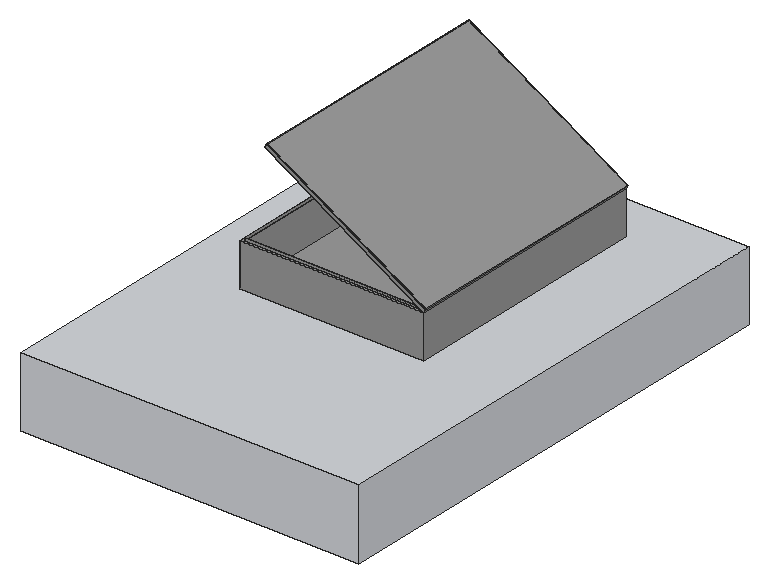
Revit family "Hager-Univers-IP54-D205-H1100-Cl.II-Encl-NL-en", category Equipement électrique, Revit 2020
Family settings
  Hôte = Face
  Configuration du panneau = Deux colonnes, circuits au sein
  Cote de connecteur circulaire = Utiliser le diamètre
  Type d'élément = Tableau de raccordement
  Couper avec des vides une fois chargée = Non
  Partagée = Non
  Point de calcul de pièce = Non
Parameters (values of type "Surface mounted (plaster) IP54 W800 H1100 D205  - FP73QSW")
  Width Control [instance] = if([EF000008 - Width] > Min Width, [EF000008 - Width], Min Width)  # 800 mm
  Commentaires du type = [HG000003 - Range]  # "Univers"
  Thickness Door [instance] = if([EF009171 - Material plate thickness door/cover] > 3 mm, 3 mm, [EF009171 - Material plate thickness door/cover])  # 1 mm
  Seal Frame Offset [instance] = 17 mm  # constant formula
  Plinth Visibility [instance] = [HG000027 - Plinth height] > 0 mm  # no
  Model = ""
  Min Width [instance] = 100 mm  # constant formula
  Min Height [instance] = 100 mm  # constant formula
  Min Depth [instance] = (2 * [EF009170 - Material plate thickness cabinet]) + 1 mm  # 3 mm
  Internal Frame Depth [instance] = (Door System Depth * 0.5)  # 9 mm
  Height Control [instance] = if([EF000040 - Height] > Min Height, [EF000040 - Height], Min Height)  # 1100 mm
  HG000027 - Plinth height = 0 mm
  HG000026 - Floor standing = no
  HG000024 - Bottom section height = 800 mm
  HG000023 - Double section enclosure = no
  HG000016 - Door 3d visibility [instance] = yes
  HG000015 - Clearance visibility [instance] = no
  HG000014 - Door on the right [instance] = yes
  HG000013 - Door on the left [instance] = not([HG000014 - Door on the right])  # no
  HG000012 - Door swing angle [instance] = 30.00°
  HG000010 - Asymmetric doors = no
  HG000009 - Double swing door = no
  HG000006 - Flush mounted = no
  HG000004 - Manufacturer reference = "FP73QSW"
  HG000003 - Range = "Univers"
  HG000002 - With door or cover = yes
  Frame Offset Bottom [instance] = 10 mm  # constant formula
  Frame Offset [instance] = 15 mm  # constant formula
  EF015940 - Cover with overpressure release = no
  EF011959 - Degree of protection (NEMA) = ""
  EF009554 - Number of openings for flange plates = 6
  EF009212 - Cover model = "EV000116 - Closed"
  EF009171 - Material plate thickness door/cover = 1 mm
  EF009170 - Material plate thickness cabinet = 1 mm
  Fabricant = "Hager"  # constant formula
  EF008873 - Nominal current (In) = 250 A
  EF007800 - Suitable for lightning protection = no
  EF006306 - With lock = no
  EF006244 - Transparent cover/door = no
  EF005474 - Degree of protection (IP) = "EV006419 - IP54"
  EF004464 - Type of door = "EV002646 - Single"
  EF004427 - Number of modules = 252
  EF004293 - Impact strength = "EV006815 - IK09"
  EF003532 - Suitable for outdoor use = no
  EF002950 - Width in number of modular spacings = 36
  EF001613 - Circuit integrity = "EV000494 - None"
  EF001596 - Material housing = "EV000179 - Steel"
  EF001131 - Internal depth = 143 mm
  EF001088 - Extension possible = yes
  EF000437 - Number of conduit inlets = 6
  EF000339 - Type of cover = "EV001012 - Cover"
  EF000266 - Number of rows = 7
  EF000218 - Built-in depth = 0 mm
  EF000118 - With mounting plate = no
  EF000116 - RAL-number = "9010"
  EF000049 - Depth = 205 mm
  EF000040 - Height = 1100 mm
  EF000008 - Width = 800 mm
  EF000007 - Colour = "EV000202 - White"
  EF000003 - Mounting method = "EV000384 - Surface mounted (plaster)"
  Door System Leaf Tolerance [instance] = 1.5 mm  # constant formula
  Door System Depth [instance] = 18 mm  # constant formula
  Door Height [instance] = Height Control - [HG000027 - Plinth height]  # 1100 mm
  Depth Control [instance] = if([EF000049 - Depth] > Min Depth, [EF000049 - Depth], Min Depth)  # 205 mm
  Default Elevation = 0 mm
  Connector Offset [instance] = Height Control / 2  # 550 mm
  Bottom Top Plate Trim [instance] = 1.5 mm  # constant formula
  Plinth height Ctrl [instance] = if([HG000027 - Plinth height] > 0 mm, [HG000027 - Plinth height], 12 mm)  # 12 mm
Types (4, lengths in mm): name | Width Control | HG000010 - Asymmetric doors | HG000009 - Double swing door | HG000004 - Manufacturer reference | EF009554 - Number of openings for flange plates | EF004464 - Type of door | EF004427 - Number of modules | EF002950 - Width in number of modular spacings | EF001131 - Internal depth | EF000437 - Number of conduit inlets | EF000339 - Type of cover | EF000008 - Width
  Surface mounted (plaster) IP54 W1050 H1100 D205  - FP74QSW | 1050 | no | no | "FP74QSW" | 8 | "EV003602 - Double" | 336 | 48 | 143 | 8 | "EV001012 - Cover" | 1050
  Surface mounted (plaster) IP54 W1300 H1100 D205  - FP75QSW | 1300 | yes | yes | "FP75QSW" | 10 | "EV003602 - Double" | 420 | 60 | 130 | 10 | "EV004216 - Door" | 1300
  Surface mounted (plaster) IP54 W550 H1100 D205  - FP72QSW | 550 | no | no | "FP72QSW" | 4 | "EV002646 - Single" | 168 | 24 | 143 | 4 | "EV001012 - Cover" | 550
  Surface mounted (plaster) IP54 W800 H1100 D205  - FP73QSW | 800 | no | no | "FP73QSW" | 6 | "EV002646 - Single" | 252 | 36 | 143 | 6 | "EV001012 - Cover" | 800
Reference planes
  plane 1 "Center (Front/Back)": y = 0
  plane 2: z = 0
  plane 3 "Center (Left/Right)": x = 0
  plane 4: z = 205
  plane 5: y = 1
  plane 6: y = 550
  plane 7: y = 0
  plane 8: y = 1100
  plane 9: z = 0
  plane 10: x = -385
  plane 11: x = 385
  plane 12: x = 384
  plane 13: x = -384
  plane 14: y = 1099
  plane 15: x = -383
  plane 16: x = -400
  plane 17: x = 383
  plane 18: x = 400
  plane 19: x = 399
  plane 20: x = -399
  plane 21: y = 11
  plane 22: y = 1100
  plane 23: y = 1084
  plane 24: z = 187
  plane 25: z = 1
  plane 26: z = 186
  plane 27: z = 204
Forms (mm)
  Extrusion 1, solid
    sketch origin (0, 0, 0) x (1, 0, 0) y (0, 1, 0)
      loop
        line (-702.964, 1305) -> (-702.964, -811.445) -> (766.763, -811.445) -> (766.763, 1305) -> (-702.964, 1305)
    from 0 to -304.8
  Extrusion 2, solid, material "Hager_Steel_RAL7035_Light_Grey", visible <- "Plinth Visibility", detail levels medium+fine
    sketch origin (0, 0, 0) x (1, 0, 0) y (0, 1, 0)
      loop
        line (-400, 0) -> (400, 0) -> (400, 12) -> (-400, 12) -> (-400, 0)
    from 0 to 187
  Extrusion 3, solid, material "Hager_Steel_RAL7035_Light_Grey", detail levels medium+fine
    sketch origin (0, 0, 0) x (1, 0, 0) y (0, 1, 0)
      loop
        line (-400, 0) -> (400, 0) -> (400, 1100) -> (-400, 1100) -> (-400, 0)
    from 0 to 187
  Extrusion 4, void
    sketch origin (0, 0, 0) x (1, 0, 0) y (0, 1, 0)
      loop
        line (-399, 1) -> (399, 1) -> (399, 1099) -> (-399, 1099) -> (-399, 1)
    from 1 to 186
  Extrusion 5, void
    sketch origin (-381.607, -4572, 187) x (0, -1, 0) y (-1, 0, 0)
      loop
        line (-4583, 2.393) -> (-5656, 2.393) -> (-5656, -765.607) -> (-4583, -765.607) -> (-4583, 2.393)
    from 0 to 1 <- "EF009170 - Material plate thickness cabinet"
  Extrusion 6, solid, material "Hager_Steel_RAL7035_Light_Grey", detail levels fine
    sketch origin (0, 0, 187) x (1, 0, 0) y (0, 1, 0)
      loop
        line (-384, 1084) -> (-384, 11) -> (384, 11) -> (384, 1084) -> (-384, 1084)
      loop
        line (-385, 10) -> (385, 10) -> (385, 1085) -> (-385, 1085) -> (-385, 10)
    from 0 to 9 <- "Internal Frame Depth"
  Extrusion 7, solid, material "Hager_Steel_RAL7035_Light_Grey", detail levels coarse
    sketch origin (0, 0, 0) x (1, 0, 0) y (0, 1, 0)
      loop
        line (-400, 0) -> (400, 0) -> (400, 1100) -> (-400, 1100) -> (-400, 0)
    from 0 to 205
  Sweep 8, void
    path in 3D
      loop
        line (-400, 12, 0) -> (400, 12, 0) -> (400, 12, 187) -> (-400, 12, 187) -> (-400, 12, 0)
    profile origin (-400, 12, 93.5) x (-1, 0, 0) y (0, -1, 0)
      loop
        line (0, 0) -> (0, 1.5) -> (-1.5, 1.5)
        arc (-1.5, 1.5) -> (-1.061, 0.439) -> (0, 0) r 1.5
Cuts and joins
  Extrusion 4, Extrusion 5 cuts Extrusion 3
  Sweep 8 cuts Extrusion 2
Lines and regions (mm)
  Masking region 1
    outline origin (0, 0, 0) x (1, 0, 0) y (0, 0, 1)
      loop
        line (-400, 205) -> (-400, 0) -> (400, 0) -> (400, 205) -> (-400, 205)
  Masking region 2, detail levels medium+fine
    outline origin (0, 140, 0) x (0, 1, 0) y (0, 0, 1)
      loop
        line (-140, 0) -> (960, 0) -> (960, 187) -> (-140, 187) -> (-140, 0)
  Masking region 3, not visible, detail levels medium+fine
    outline origin (0, 297.922, 0) x (0, 1, 0) y (0, 0, 1)
      loop
        line (263.578, 0) -> (303.578, 0) -> (303.578, 194)
        arc (303.578, 194) -> (300.649, 201.071) -> (293.578, 204) r 10
        line (293.578, 204) -> (263.578, 204) -> (263.578, 0)
  Masking region 4, detail levels coarse
    outline origin (0, 0, 180) x (0, 1, 0) y (0, 0, 1)
      loop
        line (0, -180) -> (1100, -180) -> (1100, 25) -> (0, 25) -> (0, -180)
  Masking region 5, visible <- "Plinth Visibility", detail levels medium+fine
    outline origin (0, 52.24, 12.345) x (0, 0, -1) y (0, 1, 0)
      loop
        line (10.845, -40.24) -> (-173.155, -40.24)
        arc (-173.155, -40.24) -> (-173.594, -41.301) -> (-174.655, -41.74) r 1.5
        line (-174.655, -41.74) -> (-174.655, -52.24) -> (12.345, -52.24) -> (12.345, -41.74)
        arc (12.345, -41.74) -> (11.285, -41.301) -> (10.845, -40.24) r 1.5
  Masking region 6, detail levels medium+fine
    outline origin (-381.607, -4572, 187) x (-1, 0, 0) y (0, -1, 0)
      loop
        line (18.393, -5672) -> (18.393, -4572) -> (-781.607, -4572) -> (-781.607, -5672) -> (18.393, -5672)
  Masking region 7, visible <- "Plinth Visibility", detail levels medium+fine
    outline origin (-381.607, -4727, 187) x (-1, 0, 0) y (0, -1, 0)
      loop
        arc (16.893, -4739) -> (17.332, -4737.939) -> (18.393, -4737.5) r 1.5
        line (18.393, -4737.5) -> (18.393, -4727) -> (-781.607, -4727) -> (-781.607, -4737.5)
        arc (-781.607, -4737.5) -> (-780.546, -4737.939) -> (-780.107, -4739) r 1.5
        line (-780.107, -4739) -> (16.893, -4739)
  Masking region 8, detail levels coarse
    outline origin (-442.548, -4669.526, 187) x (-1, 0, 0) y (0, -1, 0)
      loop
        line (-42.548, -5769.526) -> (-42.548, -4669.526) -> (-842.548, -4669.526) -> (-842.548, -5769.526) -> (-42.548, -5769.526)
  sketch lines
    curve 1: line (-400, 12, 187) -> (-400, 12, 0)
    curve 2: line (400, 12, 187) -> (-400, 12, 187)
    curve 3: line (400, 12, 187) -> (400, 12, 0)
    curve 4: line (-400, 12, 0) -> (400, 12, 0)
Dimensions and locks
  "Depth Control": plane 4 to Extrusion 1
  "HG000027 - Plinth height": plane 1 "Center (Front/Back)" to plane 7
  "EF009170 - Material plate thickness cabinet": plane 5 to plane 7
  locked: connector elem to plane 3 "Center (Left/Right)"
  equal spacing: plane 8, plane 6, plane 7
  locked: connector elem to plane 6
  "EF009170 - Material plate thickness cabinet": plane 8 to plane 14
  "EF009170 - Material plate thickness cabinet": plane 10 to plane 13
  "EF009170 - Material plate thickness cabinet": plane 12 to plane 11
  "Frame Offset": plane 20 to plane 13
  "Frame Offset": plane 12 to plane 19
  "EF009170 - Material plate thickness cabinet": plane 16 to plane 20
  "EF009170 - Material plate thickness cabinet": plane 19 to plane 18
  "Seal Frame Offset": plane 16 to plane 15
  "Seal Frame Offset": plane 17 to plane 18
  "Frame Offset Bottom": plane 21 to plane 5
  "Frame Offset": plane 14 to plane 23
  equal spacing: plane 16, plane 3 "Center (Left/Right)", plane 18
  "Width Control": plane 16 to plane 18
  "EF009170 - Material plate thickness cabinet": plane 4 to plane 27
  "EF009170 - Material plate thickness cabinet": plane 24 to plane 26
  "EF009170 - Material plate thickness cabinet": plane 25 to level
  "Door System Depth": plane 4 to plane 24
  "Height Control": plane 1 "Center (Front/Back)" to Extrusion 7 sketch curve
  "Height Control": Masking region 4 sketch curve to plane 1 "Center (Front/Back)"
  "Height Control": plane 1 "Center (Front/Back)" to plane 22
  "Bottom Top Plate Trim": profile plane to Sweep 8 sketch curve
  "Bottom Top Plate Trim": Sweep 8 sketch curve to profile plane
  "Plinth height Ctrl": plane 1 "Center (Front/Back)" to Extrusion 2 sketch curve
  "Plinth height Ctrl": Masking region 5 sketch curve to plane 1 "Center (Front/Back)"
  "Plinth height Ctrl": plane 1 "Center (Front/Back)" to Masking region 7 sketch curve
  "Thickness Door": Extrusion 6 sketch curve to Extrusion 6 sketch curve  (x3)
  "Thickness Door": cut or joined group of Extrusion 3, Extrusion 4, Extrusion 5 to Extrusion 6 sketch curve
  radius of Masking region 3 sketch curve = 10 mm
  "Bottom Top Plate Trim": radius of Masking region 5 sketch curve  (x2)
  "Bottom Top Plate Trim": radius of Sweep 8 sketch curve
  "Bottom Top Plate Trim": radius of Masking region 7 sketch curve  (x2)
  aligned and locked: plane 2 to Extrusion 1
  aligned and locked: level to Extrusion 1
  aligned and locked: level to Masking region 1 sketch curve
  aligned and locked: Masking region 1 sketch curve to plane 18
  aligned and locked: Masking region 1 sketch curve to plane 16
  aligned and locked: plane 7 to Masking region 2 sketch curve
  aligned and locked: level to Masking region 3 sketch curve
  aligned and locked: Masking region 3 sketch curve to plane 27
  aligned and locked: level to Masking region 2 sketch curve
  aligned and locked: plane 1 "Center (Front/Back)" to Extrusion 2 sketch curve
  aligned and locked: Extrusion 3 sketch curve to plane 7
  aligned and locked: plane 16 to Extrusion 3 sketch curve
  aligned and locked: plane 18 to Extrusion 3 sketch curve
  aligned and locked: plane 20 to Extrusion 4 sketch curve
  aligned and locked: plane 19 to Extrusion 4 sketch curve
  aligned and locked: Extrusion 4 sketch curve to plane 5
  aligned and locked: Extrusion 4 to plane 25
  aligned and locked: plane 26 to Extrusion 4
  aligned and locked: plane 24 to Extrusion 3
  aligned and locked: Extrusion 5 sketch curve to plane 21
  aligned and locked: Extrusion 5 sketch curve to plane 13
  aligned and locked: Extrusion 5 sketch curve to plane 12
  aligned and locked: plane 18 to Extrusion 7 sketch curve
  aligned and locked: plane 1 "Center (Front/Back)" to Extrusion 7 sketch curve
  aligned and locked: plane 16 to Extrusion 7 sketch curve
  aligned and locked: plane 4 to Extrusion 7
  aligned and locked: Extrusion 7 to level
  aligned and locked: level to Masking region 4 sketch curve
  aligned and locked: Masking region 4 sketch curve to plane 1 "Center (Front/Back)"
  aligned and locked: Masking region 4 sketch curve to plane 4
  aligned and locked: nested 1 to level
  aligned and locked: nested 1 to plane 16
  aligned and locked: plane 8 to Extrusion 3 sketch curve
  aligned and locked: plane 23 to Extrusion 5 sketch curve
  aligned and locked: plane 14 to Extrusion 4 sketch curve
  aligned and locked: Masking region 2 sketch curve to plane 8
  aligned and locked: level to Masking region 5 sketch curve
  aligned and locked: plane 16 to Extrusion 2 sketch curve
  aligned and locked: plane 18 to Extrusion 2 sketch curve
  aligned and locked: Masking region 5 sketch curve to plane 24
  aligned and locked: Masking region 2 sketch curve to plane 24
  aligned and locked: plane 24 to Extrusion 2
  aligned and locked: profile plane to Sweep 8 sketch curve  (x2)
  aligned and locked: Masking region 6 sketch curve to plane 18
  aligned and locked: Masking region 6 sketch curve to plane 22
  aligned and locked: Masking region 6 sketch curve to plane 16
  aligned and locked: plane 8 to plane 22
  aligned and locked: Masking region 6 sketch curve to plane 7
  aligned and locked: Masking region 7 sketch curve to plane 16
  aligned and locked: Masking region 7 sketch curve to plane 1 "Center (Front/Back)"
  aligned and locked: Masking region 7 sketch curve to plane 18
  aligned and locked: Masking region 8 sketch curve to plane 1 "Center (Front/Back)"
  aligned and locked: Masking region 8 sketch curve to plane 18
  aligned and locked: Masking region 8 sketch curve to plane 22
  aligned and locked: Masking region 8 sketch curve to plane 16
  aligned and locked: nested 2 to plane 7
  aligned and locked: plane 3 "Center (Left/Right)" to nested 2
  aligned and locked: nested 2 to plane 24
  aligned and locked: Extrusion 6 sketch curve to cut or joined group of Extrusion 3, Extrusion 4, Extrusion 5  (x4)
Automatic sketch dimensions
  Extrusion 1 sketch curve to Extrusion 1 sketch curve = 1469.727 mm
  Extrusion 1 sketch curve to Extrusion 1 sketch curve = 2116.445 mm
  Masking region 1 sketch curve to plane 4 = 0 mm
  plane 6 to Masking region 3 sketch curve = 11.5 mm
  Masking region 3 sketch curve to Masking region 3 sketch curve = 30 mm
  Masking region 5 sketch curve to plane 1 "Center (Front/Back)" = 0 mm
Nested families
  nested 1: "Hager_Enclosure_Symbol" at (-400, 0, 0) x (1, 0, 0) z (0, -1, 0), Height <- "Depth Control", Width <- "Width Control", type "Hager_Enclosure_Symbol"
    with Width_Ctrl 800 mm, Width 800 mm, Height_Ctrl 205 mm, Height 205 mm, A_Width_Int 13.453 mm, A_Width 161.438 mm, A_Height_Ctrl 179.375 mm, A_Height 179.375 mm
  nested 2: "EC000058_Univers_Door" at (0, 0, 187) x (1, 0, 0) z (0, 1, 0), Leaf_Tolerance <- "Door System Leaf Tolerance", Angle <- "HG000012 - Door swing angle", Door_Depth <- "Door System Depth", Door_Left <- "HG000013 - Door on the left", Transparent <- "EF006244 - Transparent cover/door", Assymetrical <- "HG000010 - Asymmetric doors", Width <- "Width Control", Clearance <- "HG000015 - Clearance visibility", Double <- "HG000009 - Double swing door", 3d_Door <- "HG000016 - Door 3d visibility", Lock_Visibility <- "EF006306 - With lock", Width_Ctrl <- "Width Control", Door_Right <- "HG000014 - Door on the right", Door <- "HG000002 - With door or cover", Height <- "Door Height", Thickness <- "Thickness Door", type "EC000058_Univers_Door", detail levels medium+fine
    with min_wh 3 mm, Width_Ctrl 800 mm, Width 800 mm, Transparent no, Thickness 1 mm, Seal_Material Hager_Rubber, Lock_Visibility no, Lock_Material Hager_Plastic_RAL9005_Jet_Black, Leaf_Width 800 mm, Leaf_Tolerance_External_Sides 0 mm, Leaf_Tolerance 1.5 mm, Leaf_Offset 0 mm, Leaf_Height 1097 mm, Leaf_2_Width 800 mm, Leaf_2_Offset 400 mm, Leaf_1_Width 800 mm, Leaf_1_Offset 400 mm, Height_Ctrl 1100 mm, Height 1100 mm, Glass_Material Hager_Glass, Double_Clearance_Ctrl no, Double no, Door_Right_Ctrl yes, Door_Right yes, Door_Material Hager_Steel_RAL7035_Light_Grey, Door_Left_Ctrl no, Door_Left no, Door_Depth 18 mm, Door yes, Clearance_Material Hager_Clearance, Clearance_Depth 800 mm, Clearance_Ctrl no, Clearance no, Assymetrical no, Angle 30.00°, 3d_Door yes
Connectors
  electrical at (0, 550, 0)
    settings: on plane 9, index 1, voltage 0 V, apparent load 0 VA, apparent load phase1 0 VA, apparent load phase2 0 VA, apparent load phase3 0 VA, power factor 1, load classification "Other", number of poles 1, system type 30, power factor state 1, is connector primary yes, connector utility no, sub classification motor no, connector description ""
Definition of nested family "EC000058_Univers_Door"
  Parameters (values of type "EC000058_Univers_Door")
    min_wh [instance] = (2 * Thickness) + 1 mm  # 11 mm
    Width_Ctrl [instance] = 400 mm
    Width [instance] = 500 mm
    Transparent [instance] = yes
    Thickness [instance] = 5 mm
    Seal_Material [instance] = none
    Lock_Visibility [instance] = yes
    Lock_Material [instance] = none
    Leaf_Width [instance] = if((Width_Ctrl - 2 * Leaf_Tolerance_External_Sides) > 0 mm, (Width_Ctrl - 2 * Leaf_Tolerance_External_Sides), min_wh)  # 400 mm
    Leaf_Tolerance_External_Sides [instance] = 0 mm  # constant formula
    Leaf_Tolerance [instance] = 1.5 mm
    Leaf_Offset [instance] = 0 mm  # constant formula
    Leaf_Height [instance] = if((Height_Ctrl - 2 * Leaf_Tolerance) > 0 mm, (Height_Ctrl - 2 * Leaf_Tolerance), min_wh)  # 497 mm
    Leaf_2_Width [instance] = if(and(and(Double, Assymetrical), Door_Left), (Leaf_Width / 3) - (Leaf_Tolerance / 2), if(and(and(Double, Assymetrical), Door_Right), (Leaf_Width / 3) * 2 - (Leaf_Tolerance / 2), if(and(Double, not(Assymetrical)), (Leaf_Width / 2) - Leaf_Tolerance, Leaf_Width)))  # 400 mm
    Leaf_2_Offset [instance] = if(and(Double, Assymetrical), Leaf_2_Width / 2, if(and(Double, not(Assymetrical)), Leaf_Width / 4, Leaf_Width / 2))  # 200 mm
    Leaf_1_Width [instance] = if(and(and(Double, Assymetrical), Door_Right), (Leaf_Width / 3) - (Leaf_Tolerance / 2), if(and(and(Double, Assymetrical), Door_Left), (Width / 3) * 2 - (Leaf_Tolerance / 2), if(and(Double, not(Assymetrical)), (Leaf_Width / 2) - Leaf_Tolerance, Leaf_Width)))  # 400 mm
    Leaf_1_Offset [instance] = if(and(Double, Assymetrical), Leaf_1_Width / 2, if(and(Double, not(Assymetrical)), Leaf_Width / 4, Leaf_Width / 2))  # 200 mm
    Height_Ctrl [instance] = if(Height > min_wh, Height, min_wh)  # 500 mm
    Height [instance] = 500 mm
    Glass_Material [instance] = none
    Double_Clearance_Ctrl [instance] = and(Double, Clearance)  # no
    Double [instance] = no
    Door_Right_Ctrl [instance] = and(or(Door_Right, Double), Door)  # yes
    Door_Right [instance] = yes
    Door_Material [instance] = none
    Door_Left_Ctrl [instance] = and(or(Door_Left, Double), Door)  # no
    Door_Left [instance] = no
    Door_Depth [instance] = 30 mm
    Door [instance] = yes
    Default Elevation = 1219.2 mm
    Clearance_Material [instance] = none
    Clearance_Depth [instance] = if(Leaf_1_Width > Leaf_2_Width, Leaf_1_Width, Leaf_2_Width)  # 400 mm
    Clearance_Ctrl [instance] = and(not(Double), Clearance)  # yes
    Clearance [instance] = yes
    Assymetrical [instance] = yes
    Angle [instance] = 30.00°
    3d_Door [instance] = yes
  Reference planes
    plane 1 "Center (Front/Back)": y = 0
    plane 2 "Bottom": z = 0
    plane 3 "Center (Left/Right)": x = 0
    plane 4: z = 500
    plane 5: x = -200
    plane 6: x = 200
    plane 7: z = 500
    plane 8: x = -200
    plane 9: z = 0
    plane 10: x = 200
    plane 11: y = 0
    plane 12: z = 1.5
    plane 13: x = -600
    plane 14: y = -400
    plane 15: x = 600
    plane 16: x = 0
    plane 17: x = 0
    plane 18: x = -200
    plane 19: x = 200
    plane 20: z = 498.5
  Forms (mm)
    Extrusion 1, solid, material <- "Clearance_Material", visible <- "Double_Clearance_Ctrl"
      sketch origin (1200, 0, 0) x (1, 0, 0) y (0, 0, -1)
        loop
          line (-1800, -498.5) -> (-600, -498.5) -> (-600, 0) -> (-1800, 0) -> (-1800, -498.5)
      from 0 to -400
  Dimensions and locks
    equal spacing: plane 5, plane 3 "Center (Left/Right)", plane 6
    "Width_Ctrl": plane 5 to plane 6
    "Leaf_Offset": plane 5 to plane 8
    "Leaf_Offset": plane 6 to plane 10
    "Leaf_Offset": plane 9 to level
    "Leaf_Offset": plane 4 to plane 7
    "Height_Ctrl": plane 4 to level
    "Leaf_Tolerance": plane 12 to plane 9
    locked: plane 11 to plane 1 "Center (Front/Back)"
    "Leaf_1_Offset": plane 18 to plane 16
    "Leaf_2_Offset": plane 17 to plane 19
    "Leaf_1_Width": plane 13 to plane 8
    "Leaf_2_Width": plane 10 to plane 15
    "Clearance_Depth": plane 14 to plane 1 "Center (Front/Back)"
    "Leaf_Tolerance_External_Sides": plane 8 to plane 18
    "Leaf_Tolerance_External_Sides": plane 19 to plane 10
    "Leaf_Tolerance": plane 7 to plane 20
    aligned and locked: level to plane 2 "Bottom"
    aligned and locked: nested 1 to plane 16
    aligned and locked: nested 2 to plane 17
    aligned and locked: Extrusion 1 to plane 13
    aligned and locked: plane 15 to Extrusion 1
    aligned and locked: Extrusion 1 to plane 14
    aligned and locked: plane 12 to nested 1
    aligned and locked: nested 2 to plane 12
    aligned and locked: Extrusion 1 to plane 11
    aligned and locked: plane 20 to Extrusion 1
    aligned and locked: nested 2 to plane 11
    aligned and locked: nested 1 to plane 11
  Automatic sketch dimensions
    Extrusion 1 sketch curve to level = 0 mm
    plane 5 to Extrusion 1 sketch curve = 400 mm
    plane 6 to Extrusion 1 sketch curve = 400 mm
    Extrusion 1 sketch curve to plane 4 = 1.5 mm
  Nested families
    nested 1: "EC000058_Univers_Door_Leaf" at (0, 0, 1.5), Width <- "Leaf_1_Width", visible <- "Door_Left_Ctrl", Leaf_Height <- "Leaf_Height", Angle <- "Angle", 3d_Door <- "3d_Door", Transparent <- "Transparent", Clearance Material <- "Clearance_Material", Clearance <- "Clearance_Ctrl", Door_Material <- "Door_Material", Glass_Material <- "Glass_Material", Door_Depth <- "Door_Depth", Lock_Material <- "Lock_Material", Seal_Material <- "Seal_Material", Lock_Visibility <- "Lock_Visibility", Thickness <- "Thickness", type "EC000058_Univers_Door_Leaf"
      with Width 400 mm, Transparent_Glass_Offset 30 mm, Transparent_Ctrl yes, Transparent yes, Thickness 5 mm, Standard no, Seal_Material none, Seal_D2 8 mm, Seal_D1 1 mm, Offset_Internal_Frame 10 mm, Lock_Width 20 mm, Lock_Visibility_3d yes, Lock_Visibility yes, Lock_Thickness_3 3 mm, Lock_Thickness_2 1 mm, Lock_Thickness_1 3 mm, Lock_Radius_Offset_2 16 mm, Lock_Radius_Offset_1 15 mm, Lock_Radius_2 5 mm, Lock_Radius 6 mm, Lock_Offset 5 mm, Lock_Material none, Lock_Height 80 mm, Lock_Cover_Top_Offset_2d 17 mm, Lock_Cover_Height -65 mm, Leaf_Height 497 mm, Internal_Seal_Thickness 8 mm, Internal_Seal_Depth_2 4.5 mm, Internal_Frame_Depth 25 mm, Glass_Thickness -1 mm, Glass_Offset -2 mm, Glass_Material none, Door_Material none, Door_Depth 30 mm, Clearance Material none, Clearance yes, Angle_Ctrl 30.00°, Angle 30.00°, 3d_Door yes
    nested 2: "EC000058_Univers_Door_Leaf" at (0, 0, 1.5) x (-1, 0, 0) z (0, 0, 1), Width <- "Leaf_2_Width", visible <- "Door_Right_Ctrl", Leaf_Height <- "Leaf_Height", Angle <- "Angle", 3d_Door <- "3d_Door", Transparent <- "Transparent", Clearance Material <- "Clearance_Material", Clearance <- "Clearance_Ctrl", Door_Material <- "Door_Material", Glass_Material <- "Glass_Material", Door_Depth <- "Door_Depth", Lock_Material <- "Lock_Material", Seal_Material <- "Seal_Material", Lock_Visibility <- "Lock_Visibility", Thickness <- "Thickness", type "EC000058_Univers_Door_Leaf"
      with Width 400 mm, Transparent_Glass_Offset 30 mm, Transparent_Ctrl yes, Transparent yes, Thickness 5 mm, Standard no, Seal_Material none, Seal_D2 8 mm, Seal_D1 1 mm, Offset_Internal_Frame 10 mm, Lock_Width 20 mm, Lock_Visibility_3d yes, Lock_Visibility yes, Lock_Thickness_3 3 mm, Lock_Thickness_2 1 mm, Lock_Thickness_1 3 mm, Lock_Radius_Offset_2 16 mm, Lock_Radius_Offset_1 15 mm, Lock_Radius_2 5 mm, Lock_Radius 6 mm, Lock_Offset 5 mm, Lock_Material none, Lock_Height 80 mm, Lock_Cover_Top_Offset_2d 17 mm, Lock_Cover_Height -65 mm, Leaf_Height 497 mm, Internal_Seal_Thickness 8 mm, Internal_Seal_Depth_2 4.5 mm, Internal_Frame_Depth 25 mm, Glass_Thickness -1 mm, Glass_Offset -2 mm, Glass_Material none, Door_Material none, Door_Depth 30 mm, Clearance Material none, Clearance yes, Angle_Ctrl 30.00°, Angle 30.00°, 3d_Door yes
  Definition of nested family "EC000058_Univers_Door_Leaf"
    Parameters (values of type "EC000058_Univers_Door_Leaf")
      Width [instance] = 2000 mm
      Transparent_Glass_Offset [instance] = 30 mm
      Transparent_Ctrl [instance] = and(Transparent, [3d_Door])  # yes
      Transparent [instance] = yes
      Thickness [instance] = 5 mm
      Standard [instance] = and(not(Transparent), [3d_Door])  # no
      Seal_Material [instance] = none
      Seal_D2 [instance] = 8 mm  # constant formula
      Seal_D1 [instance] = 1 mm  # constant formula
      Offset_Internal_Frame [instance] = 10 mm  # constant formula
      Lock_Width [instance] = 20 mm  # constant formula
      Lock_Visibility_3d [instance] = and(Lock_Visibility, [3d_Door])  # yes
      Lock_Visibility [instance] = yes
      Lock_Thickness_3 [instance] = 3 mm  # constant formula
      Lock_Thickness_2 [instance] = 1 mm  # constant formula
      Lock_Thickness_1 [instance] = 3 mm  # constant formula
      Lock_Radius_Offset_2 [instance] = Lock_Radius_Offset_1 + 1 mm  # 16 mm
      Lock_Radius_Offset_1 [instance] = 15 mm  # constant formula
      Lock_Radius_2 [instance] = Lock_Radius - 1 mm  # 5 mm
      Lock_Radius [instance] = 6 mm  # constant formula
      Lock_Offset [instance] = 5 mm  # constant formula
      Lock_Material [instance] = none
      Lock_Height [instance] = 80 mm  # constant formula
      Lock_Cover_Top_Offset_2d [instance] = Lock_Radius_Offset_2 + 1 mm  # 17 mm
      Lock_Cover_Height [instance] = -(Lock_Height - Lock_Radius_Offset_1)  # -65 mm
      Leaf_Height [instance] = 2720.336 mm
      Internal_Seal_Thickness [instance] = 8 mm  # constant formula
      Internal_Seal_Depth_2 [instance] = 4.5 mm  # constant formula
      Internal_Frame_Depth [instance] = if(Door_Depth - Thickness > 5 mm, Door_Depth - Thickness, 5 mm)  # 25 mm
      Glass_Thickness [instance] = if(Thickness > 15 mm, Glass_Offset + 10 mm, -1 mm)  # -1 mm
      Glass_Offset [instance] = if(Thickness > 15 mm, -(Thickness + 10 mm) / 2, -2 mm)  # -2 mm
      Glass_Material [instance] = none
      Door_Material [instance] = none
      Door_Depth [instance] = 30 mm
      Default Elevation = 0 mm
      Clearance Material [instance] = none
      Clearance [instance] = yes
      Angle_Ctrl [instance] = if(Angle > 180.00°, 180.00°, Angle)  # 90.00°
      Angle [instance] = 90.00°
      3d_Door [instance] = yes
    Reference planes
      plane 1 "Center (Front/Back)": y = 0
      plane 2: z = 0
      plane 3 "Center (Left/Right)": x = 0
      plane 4: y = 2000
      plane 5: x = -1000
      plane 6: x = 1000
      plane 7: x = -3000
      plane 8: z = 2720.336
      plane 9: z = 30
      plane 10: z = 2690.336
      plane 11: x = 970
      plane 12: x = -970
      plane 13: y = -3
      plane 14: z = 107.833
      plane 15: y = -5
      plane 16: y = -223.314
      plane 17: x = -1000
      plane 18: z = 1360.168
      plane 19: y = 30
    Forms (mm)
      Extrusion 1, solid, material <- "Clearance Material", visible <- "Clearance"
        sketch origin (0, 0, 0) x (1, 0, 0) y (0, 0, 1)
          loop
            line (-3000, 2720.336) -> (-3000, 0) -> (1000, 0) -> (1000, 2720.336) -> (-3000, 2720.336)
        from 0 to -2000
      Extrusion 2, solid, material <- "Door_Material", visible <- "Standard", detail levels medium+fine
        sketch origin (-1000, 0, 0) x (0, 1, 0) y (-1, 0, 0)
          loop
            line (0, 30) -> (0, 25) -> (2000, 25) -> (2000, 30) -> (0, 30)
        from 0 to 2720.336 <- "Leaf_Height"
      Extrusion 3, solid, material <- "Door_Material", visible <- "Transparent_Ctrl", detail levels medium+fine
        sketch origin (-1000, 0, 0) x (0, 1, 0) y (-1, 0, 0)
          loop
            line (0, 25) -> (2000, 25) -> (2000, 30) -> (0, 30) -> (0, 25)
        from 0 to 2720.336 <- "Leaf_Height"
      Extrusion 4, void
        sketch origin (-1025, 2000, 0) x (0, 1, 0) y (0, 0, -1)
          loop
            line (-30, -2690.336) -> (-30, -30) -> (-1970, -30) -> (-1970, -2690.336) -> (-30, -2690.336)
        from 0 to 5 <- "Thickness"
      Sweep 5, solid, material <- "Seal_Material", visible <- "Transparent_Ctrl", detail levels fine
        path in 3D
          loop
            line (-1025, 30, 30) -> (-1025, 30, 2690.336) -> (-1025, 1970, 2690.336) -> (-1025, 1970, 30) -> (-1025, 30, 30)
        profile origin (-1025, 1000, 30) x (1, 0, 0) y (0, 0, 1)
          loop
            line (0, 0) -> (0, -8) -> (1, -8) -> (1, 0) -> (0, 0)
      Extrusion 6, solid, material <- "Glass_Material", visible <- "Transparent_Ctrl", detail levels medium+fine
        sketch origin (-1030, 0, 0) x (0, 1, 0) y (0, 0, -1)
          loop
            line (1970, -2690.336) -> (1970, -30) -> (30, -30) -> (30, -2690.336) -> (1970, -2690.336)
        from -2 <- "Glass_Offset" to -1 <- "Glass_Thickness"
      Extrusion 7, solid, material <- "Door_Material", visible <- "3d_Door", detail levels medium+fine
        sketch origin (-1025, 2000, 0) x (0, -1, 0) y (0, 0, -1)
          loop
            line (0, -2720.336) -> (2000, -2720.336) -> (2000, 0) -> (0, 0) -> (0, -2720.336)
          loop
            line (1995, -5) -> (5, -5) -> (5, -2715.336) -> (1995, -2715.336) -> (1995, -5)
        from 0 to 25 <- "Internal_Frame_Depth"
      Sweep 8, solid, material <- "Seal_Material", visible <- "Transparent_Ctrl", detail levels fine
        path in 3D
          loop
            line (-1025, 0, 0) -> (-1025, 2000, 0) -> (-1025, 2000, 2720.336) -> (-1025, 0, 2720.336) -> (-1025, 0, 0)
        profile origin (-1025, 0, 1360.168) x (1, 0, 0) y (0, 1, 0)
          loop
            line (0, 10) -> (2.975, 10)
            arc (2.975, 10) -> (4.053, 10.447) -> (4.5, 11.525) r 1.525
            line (4.5, 11.525) -> (4.5, 16.527)
            arc (4.5, 16.527) -> (4.069, 17.569) -> (3.027, 18) r 1.473
            line (3.027, 18) -> (0, 18) -> (0, 10)
      Extrusion 9, solid, material <- "Lock_Material", visible <- "Lock_Visibility_3d", detail levels fine
        sketch origin (-1030, 0, 0) x (0, 1, 0) y (0, 0, -1)
          loop
            arc (1993.5, -1400.168) -> (1994.561, -1399.729) -> (1995, -1398.668) r 1.5
            line (1995, -1398.668) -> (1995, -1320.168) -> (1975, -1320.168) -> (1975, -1398.668)
            arc (1975, -1398.668) -> (1975.439, -1399.729) -> (1976.5, -1400.168) r 1.5
            line (1976.5, -1400.168) -> (1993.5, -1400.168)
        from 3 <- "Lock_Thickness_1" to 0
      Blend 10, solid, material <- "Lock_Material", visible <- "Lock_Visibility_3d", detail levels fine
        base sketch origin (-1033, 0, 0) x (0, 1, 0) y (0, 0, -1)
          loop
            line (1975, -1320.168) -> (1975, -1398.668)
            arc (1975, -1398.668) -> (1975.439, -1399.729) -> (1976.5, -1400.168) r 1.5
            line (1976.5, -1400.168) -> (1993.5, -1400.168)
            arc (1993.5, -1400.168) -> (1994.561, -1399.729) -> (1995, -1398.668) r 1.5
            line (1995, -1398.668) -> (1995, -1320.168) -> (1975, -1320.168)
        top sketch origin (-1033, 0, 0) x (0, 1, 0) y (0, 0, -1)
          loop
            line (1976, -1320.168) -> (1976, -1398.668)
            arc (1976, -1398.668) -> (1976.146, -1399.022) -> (1976.5, -1399.168) r 0.5
            line (1976.5, -1399.168) -> (1993.5, -1399.168)
            arc (1993.5, -1399.168) -> (1993.854, -1399.022) -> (1994, -1398.668) r 0.5
            line (1994, -1398.668) -> (1994, -1320.168) -> (1976, -1320.168)
        from 0 to 1 <- "Lock_Thickness_2"
      Blend 11, solid, material <- "Lock_Material", visible <- "Lock_Visibility_3d", detail levels fine
        base sketch origin (-1034, 0, 0) x (0, 1, 0) y (0, 0, -1)
          loop
            line (1978, -1320.168) -> (1978, -1384.168)
            arc (1978, -1384.168) -> (1985, -1391.168) -> (1992, -1384.168) r 7
            line (1992, -1384.168) -> (1992, -1320.168) -> (1978, -1320.168)
        top sketch origin (-1034, 0, 0) x (0, 1, 0) y (0, 0, -1)
          loop
            line (1991, -1320.168) -> (1979, -1320.168) -> (1979, -1383.168)
            arc (1979, -1383.168) -> (1985, -1389.168) -> (1991, -1383.168) r 6
            line (1991, -1383.168) -> (1991, -1320.168)
        from 0 to 3 <- "Lock_Thickness_3"
      Extrusion 12, solid, material <- "Lock_Material", visible <- "Lock_Visibility_3d", detail levels fine
        sketch origin (-1030, 1975, 1320.168) x (1, 0, 0) y (0, -1, 0)
          loop
            line (-7, -19) -> (-7, -1) -> (0, -1) -> (0, 0) -> (-8, 0) -> (-8, -20) -> (0, -20) -> (0, -19) -> (-7, -19)
        from 0 to -65 <- "Lock_Cover_Height"
      Extrusion 13, void
        sketch origin (-1038, 1995, 1320.168) x (-1, 0, 0) y (0, 0, -1)
          loop
            line (-5, -65) -> (0, -65) -> (-5, -60) -> (-5, -65)
        from 0 to 20 <- "Lock_Width"
      Extrusion 14, void
        sketch origin (-1038, 1975, 1320.168) x (0, -1, 0) y (0, 0, -1)
          loop
            circle (-10, -15.995) r 6
          loop
            circle (-10, -15.995) r 5
        from 0 to 2
      Extrusion 15, solid, material <- "Lock_Material", visible <- "Lock_Visibility_3d", detail levels medium
        sketch origin (-1030, 0, 0) x (0, 1, 0) y (0, 0, -1)
          loop
            arc (1993.5, -1400.168) -> (1994.561, -1399.729) -> (1995, -1398.668) r 1.5
            line (1995, -1398.668) -> (1995, -1320.168) -> (1975, -1320.168) -> (1975, -1398.668)
            arc (1975, -1398.668) -> (1975.439, -1399.729) -> (1976.5, -1400.168) r 1.5
            line (1976.5, -1400.168) -> (1993.5, -1400.168)
        from 8 to 0
    Cuts and joins
      Extrusion 4 cuts Extrusion 3
      Extrusion 13, Extrusion 14 cuts Extrusion 9
      Extrusion 14 cuts Blend 11
      Extrusion 13, Extrusion 14 cuts Extrusion 12
      joined: Extrusion 9, Blend 10, Blend 11, Extrusion 12
      Extrusion 14 cuts Extrusion 15
    Lines and regions (mm)
      Masking region 1, visible <- "Lock_Visibility", detail levels fine
        outline origin (0, 0, 0) x (0, 1, 0) y (0, 0, 1)
          loop
            line (30, 1320.168) -> (33, 1320.168) -> (33, 1400.168) -> (30, 1400.168) -> (30, 1320.168)
      Masking region 2, visible <- "Lock_Visibility", detail levels fine
        outline origin (0, 3.143, 0) x (0, 1, 0) y (0, 0, 1)
          loop
            line (29.857, 1354.168) -> (30.857, 1354.168) -> (30.857, 1366.168) -> (29.857, 1366.168) -> (29.857, 1354.168)
      Masking region 3, detail levels medium+fine
        outline origin (0, 0, 0) x (0, 1, 0) y (0, 0, 1)
          loop
            line (0, 0) -> (30, 0) -> (30, 2720.336) -> (0, 2720.336) -> (0, 0)
      Masking region 4, detail levels medium+fine
        outline origin (0, 0, 0) x (1, 0, 0) y (0, 0, 1)
          loop
            line (-1000, 2720.336) -> (-1000, 0) -> (1000, 0) -> (1000, 2720.336) -> (-1000, 2720.336)
      Masking region 5, visible <- "Lock_Visibility", detail levels fine
        outline origin (-47.116, 0, 0) x (1, 0, 0) y (0, 0, 1)
          loop
            arc (1024.616, 1399.168) -> (1023.556, 1398.729) -> (1023.116, 1397.668) r 1.5
            line (1023.116, 1397.668) -> (1023.116, 1320.168) -> (1041.116, 1320.168) -> (1041.116, 1397.668)
            arc (1041.116, 1397.668) -> (1040.677, 1398.729) -> (1039.616, 1399.168) r 1.5
            line (1039.616, 1399.168) -> (1024.616, 1399.168)
      Masking region 6, visible <- "Lock_Visibility", detail levels medium+fine
        outline origin (-25, 0, 0) x (1, 0, 0) y (0, 0, 1)
          loop
            arc (1001.5, 1400.168) -> (1000.439, 1399.729) -> (1000, 1398.668) r 1.5
            line (1000, 1398.668) -> (1000, 1320.168) -> (1020, 1320.168) -> (1020, 1398.668)
            arc (1020, 1398.668) -> (1019.561, 1399.729) -> (1018.5, 1400.168) r 1.5
            line (1018.5, 1400.168) -> (1001.5, 1400.168)
      Masking region 7, visible <- "Lock_Visibility", detail levels fine
        outline origin (-73.735, 0, 0) x (1, 0, 0) y (0, 0, 1)
          loop
            line (1051.735, 1382.168) -> (1065.735, 1382.168) -> (1065.735, 1384.168)
            arc (1065.735, 1384.168) -> (1058.735, 1391.168) -> (1051.735, 1384.168) r 7
            line (1051.735, 1384.168) -> (1051.735, 1382.168)
      Masking region 8, visible <- "Lock_Visibility", detail levels fine
        outline origin (-73.735, 0, 0) x (1, 0, 0) y (0, 0, 1)
          loop
            line (1052.735, 1382.168) -> (1064.735, 1382.168) -> (1064.735, 1383.168)
            arc (1064.735, 1383.168) -> (1058.735, 1389.168) -> (1052.735, 1383.168) r 6
            line (1052.735, 1383.168) -> (1052.735, 1382.168)
      Masking region 9, visible <- "Lock_Visibility", detail levels fine
        outline origin (-25, 0, 0) x (1, 0, 0) y (0, 0, 1)
          loop
            line (1020, 1320.168) -> (1020, 1382.168) -> (1000, 1382.168) -> (1000, 1320.168) -> (1020, 1320.168)
      Masking region 10, detail levels medium+fine
        outline origin (0, 0, 0) x (1, 0, 0) y (0, 0, 1)
          loop
            circle (985, 1335.144) r 6
      Masking region 11, detail levels fine
        outline origin (0, 0, 0) x (1, 0, 0) y (0, 0, 1)
          loop
            circle (985, 1335.144) r 5
      Masking region 12, visible <- "Lock_Visibility", detail levels fine
        outline origin (0, 12.767, 0) x (0, 1, 0) y (0, 0, 1)
          loop
            line (20.233, 1320.168) -> (21.233, 1320.168) -> (21.233, 1399.168) -> (20.233, 1400.168) -> (20.233, 1320.168)
      Masking region 13, visible <- "Lock_Visibility", detail levels fine
        outline origin (0, 13.767, -10) x (0, 1, 0) y (0, 0, 1)
          loop
            line (20.233, 1330.168) -> (23.233, 1330.168) -> (23.233, 1399.168) -> (20.233, 1402.168) -> (20.233, 1330.168)
      Masking region 14, visible <- "Lock_Visibility", detail levels fine
        outline origin (0, 12.767, -10) x (0, 1, 0) y (0, 0, 1)
          loop
            line (20.233, 1330.168) -> (25.233, 1330.168) -> (25.233, 1399.305) -> (20.233, 1394.305) -> (20.233, 1330.168)
      Masking region 15, visible <- "Lock_Visibility", detail levels medium
        outline origin (0, 0, 0) x (0, 1, 0) y (0, 0, 1)
          loop
            line (30, 1320.168) -> (38, 1320.168) -> (38, 1400.168) -> (30, 1400.168) -> (30, 1320.168)
      Masking region 16, visible <- "Lock_Visibility", detail levels fine
        outline origin (-1000, 0, 0) x (0, 1, 0) y (-1, 0, 0)
          loop
            line (1975, 30) -> (1995, 30) -> (1995, 38) -> (1975, 38) -> (1975, 30)
          loop
            line (1979, 37) -> (1976, 37) -> (1976, 34) -> (1978, 34) -> (1979, 37)
          loop
            line (1994, 37) -> (1991, 37) -> (1992, 34) -> (1994, 34) -> (1994, 37)
      Masking region 17, visible <- "Lock_Visibility", detail levels medium
        outline origin (-1000, 0, 0) x (0, 1, 0) y (-1, 0, 0)
          loop
            line (1975, 30) -> (1995, 30) -> (1995, 38) -> (1975, 38) -> (1975, 30)
      symbolic lines
        curve 1: line (1000, 0, 0) -> (-3000, 0, 0)
        curve 2: arc (1000, 0, 0) -> (-1000, 2000, 0) -> (-3000, 0, 0) r 2000
        curve 4: line (-1030, 0, 0) -> (-1030, 2000, 0)
      reference lines
        curve 3: line (-1000, 0, 0) -> (-1000, 2000, 0)
      symbolic lines, detail levels medium+fine
        curve 5: line (-1030, 2000, 0) -> (-1025, 2000, 0)
        curve 7: line (-1025, 0, 0) -> (-1030, 0, 0)
        curve 8: line (-1025, 0, 0) -> (-1000, 0, 0)
        curve 9: line (-1000, 0, 0) -> (-1000, 2000, 0)
        curve 10: line (-1000, 2000, 0) -> (-1025, 2000, 0)
      symbolic lines, detail levels fine
        curve 6: line (-1025, 2000, 0) -> (-1025, 0, 0)
      sketch lines
        curve 11: line (-1025, 0, 2720.336) -> (-1025, 0, 0)
        curve 12: line (-1025, 2000, 0) -> (-1025, 0, 0)
        curve 13: line (-1025, 2000, 2720.336) -> (-1025, 2000, 0)
        curve 14: line (-1025, 0, 2720.336) -> (-1025, 2000, 2720.336)
        curve 15: line (-1025, 1970, 30) -> (-1025, 30, 30)
        curve 16: line (-1025, 30, 30) -> (-1025, 30, 2690.336)
        curve 17: line (-1025, 1970, 2690.336) -> (-1025, 1970, 30)
        curve 18: line (-1025, 30, 2690.336) -> (-1025, 1970, 2690.336)
      symbolic lines, visible <- "Transparent", detail levels medium+fine
        curve 19: line (-970, 0, 2690.336) -> (970, 0, 2690.336)
        curve 20: line (-970, 0, 30) -> (-970, 0, 2690.336)
        curve 21: line (970, 0, 30) -> (-970, 0, 30)
        curve 22: line (970, 0, 2690.336) -> (970, 0, 30)
    Dimensions and locks
      "Width": plane 1 "Center (Front/Back)" to plane 4
      equal spacing: plane 5, plane 3 "Center (Left/Right)", plane 6
      "Width": plane 5 to plane 6
      "Width": plane 7 to plane 5
      "Leaf_Height": plane 8 to level
      "Width": curve 5 to curve 3
      "Width": curve 3 to curve 3
      plane 8 to plane 10 = 30 mm
      plane 9 to level = 30 mm
      plane 12 to plane 5 = 30 mm
      plane 6 to plane 11 = 30 mm
      Extrusion 1 to Extrusion 4 sketch curve = 30 mm
      "Transparent_Glass_Offset": curve 3 to Extrusion 4 sketch curve
      "Transparent_Glass_Offset": Extrusion 4 sketch curve to cut or joined group of Extrusion 3, Extrusion 4  (x2)
      cut or joined group of Extrusion 3, Extrusion 4 to Extrusion 6 sketch curve = 30 mm
      "Transparent_Glass_Offset": cut or joined group of Extrusion 3, Extrusion 4 to Extrusion 4 sketch curve
      "Thickness": curve 6 to curve 4
      "Thickness": Extrusion 7 sketch curve to Extrusion 7 sketch curve  (x4)
      "Door_Depth": curve 4 to curve 3
      "Offset_Internal_Frame": profile plane to Sweep 8 sketch curve
      "Internal_Seal_Thickness": Sweep 8 sketch curve to Sweep 8 sketch curve
      "Internal_Seal_Depth_2": profile plane to Sweep 8 sketch curve
      "Seal_D1": profile plane to Sweep 5 sketch curve
      "Seal_D2": profile plane to Sweep 5 sketch curve
      "Thickness": Extrusion 2 sketch curve to Extrusion 2 sketch curve
      equal spacing: Extrusion 9 sketch curve, plane 18, Extrusion 9 sketch curve  (x2)
      equal spacing: Masking region 1 sketch curve, plane 18, Masking region 1 sketch curve
      "Lock_Height": Masking region 1 sketch curve to Masking region 1 sketch curve
      "Lock_Radius": Masking region 2 sketch curve to plane 18 to Masking region 2 sketch curve
      Masking region 2 sketch curve to Masking region 1 = 1 mm
      "Door_Depth": plane 19 to plane 1 "Center (Front/Back)"
      "Lock_Thickness_1": Masking region 1 sketch curve to plane 19
      "Lock_Width": Extrusion 9 sketch curve to Extrusion 9 sketch curve
      "Lock_Height": Extrusion 9 sketch curve to Extrusion 9 sketch curve
      "Lock_Offset": cut or joined group of Extrusion 3, Extrusion 4 to Extrusion 9 sketch curve
      equal spacing: plane 8, plane 18, level
      "Lock_Radius_Offset_1": Blend 11 sketch curve to Blend 10
      locked: Blend 10 to Blend 11 sketch curve at 2  (x2)
      locked: var sketch to Blend 11 sketch curve at 1  (x2)
      "Lock_Radius_Offset_2": Blend 11 sketch curve to Blend 10
      locked: Extrusion 12 sketch curve to Extrusion 12 sketch curve at 1  (x3)
      Masking region 6 sketch curve to Masking region 6 sketch curve = 80 mm
      "Lock_Height": Masking region 6 sketch curve to Masking region 6 sketch curve
      "Lock_Width": Masking region 6 sketch curve to Masking region 6 sketch curve
      locked: Masking region 6 to Masking region 5 sketch curve at 1  (x3)
      locked: Masking region 5 to Masking region 7 sketch curve at 2  (x2)
      "Lock_Radius_Offset_1": Masking region 5 to Masking region 7 sketch curve
      "Lock_Radius_Offset_2": Masking region 5 to Masking region 8 sketch curve
      locked: Masking region 7 to Masking region 8 sketch curve at 1  (x2)
      "Lock_Cover_Top_Offset_2d": Masking region 5 to Masking region 9 sketch curve
      equal spacing: Masking region 9, Masking region 10 sketch curve, Masking region 9
      equal spacing: Masking region 9, Masking region 11 sketch curve, Masking region 9
      Extrusion 15 sketch curve to Extrusion 15 sketch curve = 80 mm
      "Lock_Width": Extrusion 15 sketch curve to Extrusion 15 sketch curve
      "Lock_Height": Extrusion 15 sketch curve to Extrusion 15 sketch curve
      equal spacing: Extrusion 15 sketch curve, plane 18, Extrusion 15 sketch curve
      "Lock_Thickness_3": Masking region 13 sketch curve to Masking region 13 sketch curve
      "Lock_Height": Masking region 12 sketch curve to Masking region 12 sketch curve
      locked: Masking region 13 sketch curve to Masking region 1 at 8
      locked: Masking region 14 sketch curve to Masking region 13 at 1
      locked: Masking region 14 sketch curve to Masking region 1 at 10.863
      "Lock_Height": Masking region 15 sketch curve to Masking region 15 sketch curve
      "Lock_Offset": Extrusion 15 sketch curve to cut or joined group of Extrusion 3, Extrusion 4
      "Lock_Offset": plane 6 to Masking region 6 sketch curve
      radius of Sweep 8 sketch curve = 1.525 mm
      radius of Sweep 8 sketch curve = 1.473 mm
      radius of Extrusion 9 sketch curve = 1.5 mm  (x2)
      "Lock_Radius": radius of Extrusion 14 sketch curve
      "Lock_Radius_2": radius of Extrusion 14 sketch curve
      "Lock_Radius": radius of Masking region 10 sketch curve
      "Lock_Radius_2": radius of Masking region 11 sketch curve
      radius of Extrusion 15 sketch curve = 1.5 mm  (x2)
      "Angle_Ctrl": angle plane 1 "Center (Front/Back)" to curve 3
      locked: Masking region 12 sketch curve to Masking region 12 sketch curve (angle 45.00°)
      locked: Masking region 13 sketch curve to Masking region 13 sketch curve (angle 45.00°)
      locked: Masking region 14 sketch curve to Masking region 14 sketch curve (angle 45.00°)
      aligned and locked: level to plane 2
      aligned and locked: Extrusion 1 to curve 1
      aligned and locked: plane 6 to Extrusion 1
      aligned and locked: Extrusion 1 to plane 1 "Center (Front/Back)"
      aligned and locked: plane 4 to Extrusion 1
      aligned and locked: plane 8 to Extrusion 1
      aligned and locked: curve 7 to Extrusion 2 sketch curve
      aligned and locked: curve 5 to Extrusion 2 sketch curve
      aligned and locked: curve 7 to Extrusion 3 sketch curve
      aligned and locked: Extrusion 3 sketch curve to curve 4
      aligned and locked: Extrusion 3 sketch curve to curve 6
      aligned and locked: Extrusion 3 sketch curve to curve 5
      aligned and locked: curve 9 to curve 3
      aligned and locked: Extrusion 7 sketch curve to cut or joined group of Extrusion 3, Extrusion 4  (x4)
      aligned and locked: plane 17 to curve 3
      aligned and locked: plane 1 "Center (Front/Back)" to curve 3
      aligned and locked: plane 17 to plane 5
      aligned and locked: Sweep 8 sketch curve to profile plane
      aligned and locked: Sweep 5 sketch curve to profile plane  (x2)
      aligned and locked: Masking region 1 to Masking region 2 sketch curve
      aligned and locked: plane 19 to Masking region 1 sketch curve
      aligned and locked: plane 1 "Center (Front/Back)" to Masking region 3 sketch curve
      aligned and locked: plane 19 to Masking region 3 sketch curve
      aligned and locked: level to Masking region 3 sketch curve
      aligned and locked: Masking region 3 sketch curve to plane 8
      aligned and locked: plane 17 to Masking region 4 sketch curve
      aligned and locked: level to Masking region 4 sketch curve
      aligned and locked: Masking region 4 sketch curve to plane 8
      aligned and locked: plane 12 to curve 20
      aligned and locked: plane 10 to curve 19
      aligned and locked: plane 11 to curve 22
      aligned and locked: curve 21 to plane 9
      aligned and locked: Extrusion 2 sketch curve to cut or joined group of Extrusion 3, Extrusion 4
      aligned and locked: Blend 10 sketch curve to Extrusion 9  (x4)
      aligned and locked: Extrusion 9 to Blend 10 sketch curve
      aligned and locked: Blend 10 to Blend 11 sketch curve
      aligned and locked: Extrusion 12 sketch curve to Blend 11
      aligned and locked: Extrusion 12 sketch curve to Extrusion 9  (x4)
      aligned and locked: Masking region 5 sketch curve to Masking region 6
      aligned and locked: Masking region 9 sketch curve to Masking region 6  (x3)
      aligned and locked: Masking region 12 sketch curve to Masking region 1
      aligned and locked: Masking region 13 sketch curve to Masking region 1
      aligned and locked: Masking region 12 to Masking region 14
      aligned and locked: Masking region 14 sketch curve to Masking region 1
      aligned and locked: Masking region 15 sketch curve to Masking region 14
      aligned and locked: Masking region 13 sketch curve to Masking region 12
      aligned and locked: Masking region 16 sketch curve to cut or joined group of Extrusion 14, Extrusion 15  (x4)
      aligned and locked: Masking region 16 sketch curve to cut or joined group of Extrusion 9, Blend 10, Blend 11, Extrusion 12, Extrusion 13, Extrusion 14  (x6)
      aligned and locked: cut or joined group of Extrusion 9, Blend 10, Blend 11, Extrusion 12, Extrusion 13, Extrusion 14 to Masking region 16 sketch curve
      aligned and locked: Masking region 17 sketch curve to cut or joined group of Extrusion 14, Extrusion 15  (x3)
      aligned and locked: Masking region 17 sketch curve to cut or joined group of Extrusion 9, Blend 10, Blend 11, Extrusion 12, Extrusion 13, Extrusion 14
      aligned and locked: Masking region 9 to Masking region 8 sketch curve
      aligned and locked: Masking region 9 to Masking region 7 sketch curve
    Automatic sketch dimensions
      plane 1 "Center (Front/Back)" to curve 2 = 0 mm
      curve 2 to plane 5 = 0 mm
      Extrusion 1 sketch curve to level = 0 mm
      Extrusion 1 sketch curve to plane 7 = 0 mm
      Extrusion 1 sketch curve to plane 6 = 0 mm
      Extrusion 1 sketch curve to plane 8 = 0 mm
      Extrusion 3 to Extrusion 6 sketch curve = 30 mm  (x4)
      Masking region 4 sketch curve to plane 6 = 0 mm
      Blend 10 sketch curve to Extrusion 9 = 1.5 mm
      Blend 10 sketch curve to Extrusion 9 = 1 mm
      Extrusion 13 sketch curve to Extrusion 12 = 0 mm  (x2)
      Extrusion 12 to Extrusion 13 sketch curve = 3 mm
      Extrusion 13 sketch curve to Extrusion 12 = 5 mm
      Extrusion 14 sketch curve to Extrusion 14 sketch curve = 0 mm  (x2)
      Extrusion 14 sketch curve to Extrusion 12 = 10 mm
      Extrusion 14 sketch curve to Extrusion 12 = 15.995 mm
      Masking region 5 sketch curve to Masking region 5 sketch curve = 1.5 mm  (x2)
      Masking region 10 sketch curve to plane 18 = 25.024 mm
      Masking region 11 sketch curve to plane 18 = 25.024 mm
      plane 19 to Masking region 14 sketch curve = 3 mm
      Masking region 16 sketch curve to Masking region 16 sketch curve = 3 mm
      curve 4 to curve 3 = 0 mm
      Blend 10 to Blend 11 sketch curve = 0 mm
      Masking region 6 sketch curve to Masking region 6 sketch curve = 1.5 mm  (x2)
      Masking region 6 sketch curve to plane 18 = 40 mm
      plane 19 to Masking region 12 sketch curve = 3 mm
      Masking region 12 sketch curve to Masking region 12 sketch curve = 1 mm
      Masking region 15 sketch curve to plane 19 = 0 mm
      Masking region 15 sketch curve to plane 18 = 40 mm
      radius of Blend 10 sketch curve to Extrusion 9 = 1 mm
Definition of nested family "Hager_Enclosure_Symbol"
  Parameters (values of type "Hager_Enclosure_Symbol")
    Width_Ctrl [instance] = if(Width > 1 mm, Width, 1 mm)  # 102.27 mm
    Width [instance] = 102.27 mm
    Height_Ctrl [instance] = if(Height > 1 mm, Height, 1 mm)  # 66.5 mm
    A_Width_Int [instance] = if(A_Width / 12 > 2 mm, A_Width / 12, 2 mm)  # 4.364 mm
    A_Width [instance] = if(A_Height_Ctrl * 0.9 > 2 mm, A_Height_Ctrl * 0.9, 2 mm)  # 52.369 mm
    A_Height_Ctrl [instance] = if(A_Height > 2 mm, A_Height, 2 mm)  # 58.188 mm
    Height [instance] = 66.5 mm
    A_Height [instance] = Height - (Height / 8)  # 58.188 mm
  Reference planes
    plane 1 "Centre (avant/arrière)": y = 0
    plane 2: z = 0
    plane 3 "Centre (gauche/droite)": x = 0
    plane 4: x = 52.369
    plane 5: y = 33.042
    plane 6: y = 41.77
    plane 7: y = 66.5
    plane 8: x = 26.184
    plane 9: y = 37.406
    plane 10: x = 102.27
    plane 11: y = 66.5
    plane 12: y = 8.313
  Lines and regions (mm)
    Filled region 1, type "Solid_Black", in view "Niveau de réf."
      outline origin (0, 0, 0) x (1, 0, 0) y (0, 1, 0)
        loop
          line (52.369, 66.5) -> (33.188, 54.536) -> (45.365, 45.006) -> (52.369, 66.5)
    Filled region 2, type "Solid_Black", in view "Niveau de réf."
      outline origin (0, 0, 0) x (1, 0, 0) y (0, 1, 0)
        loop
          line (0, 0) -> (102.27, 0) -> (102.27, 66.5) -> (0, 0)
    detail lines, in view "Niveau de réf."
      curve 1: line (0, 8.313, 0) -> (26.184, 41.77, 0)
      curve 2: line (26.184, 41.77, 0) -> (26.184, 33.042, 0)
      curve 3: line (26.184, 33.042, 0) -> (52.369, 66.5, 0)
  Dimensions and locks
    "A_Width": plane 3 "Centre (gauche/droite)" to plane 4
    equal spacing: plane 3 "Centre (gauche/droite)", plane 8, plane 4
    equal spacing: plane 6, plane 9, plane 5
    equal spacing: curve 3, Filled region 1 sketch curve, Filled region 1 sketch curve
    "Height_Ctrl": plane 1 "Centre (avant/arrière)" to plane 11
    "A_Height_Ctrl": plane 11 to plane 12
    equal spacing: plane 11, plane 9, plane 12
    "A_Width_Int": plane 6 to plane 9
    "Width_Ctrl": plane 3 "Centre (gauche/droite)" to plane 10
    angle Filled region 1 sketch curve to curve 3 = 20.00°
    angle curve 3 to Filled region 1 sketch curve = 20.00°
    locked: curve 3 to Filled region 1 sketch curve (angle 90.00°)
    aligned and locked: plane 10 to Filled region 2
    aligned and locked: plane 11 to Filled region 2 sketch curve
    aligned and locked: plane 10 to Filled region 2 sketch curve
    aligned and locked: plane 3 "Centre (gauche/droite)" to curve 1
    aligned and locked: plane 12 to curve 1
    aligned and locked: plane 7 to plane 11
  Automatic sketch dimensions
    Filled region 1 sketch curve to plane 4 = 0 mm
    Filled region 1 sketch curve to plane 7 = 0 mm
    plane 1 "Centre (avant/arrière)" to Filled region 2 sketch curve = 0 mm
    Filled region 2 sketch curve to plane 3 "Centre (gauche/droite)" = 0 mm
    curve 2 to plane 6 = 0 mm
    curve 2 to plane 8 = 0 mm
    curve 3 to plane 4 = 0 mm
    curve 2 to plane 5 = 0 mm
    curve 3 to plane 7 = 0 mm
